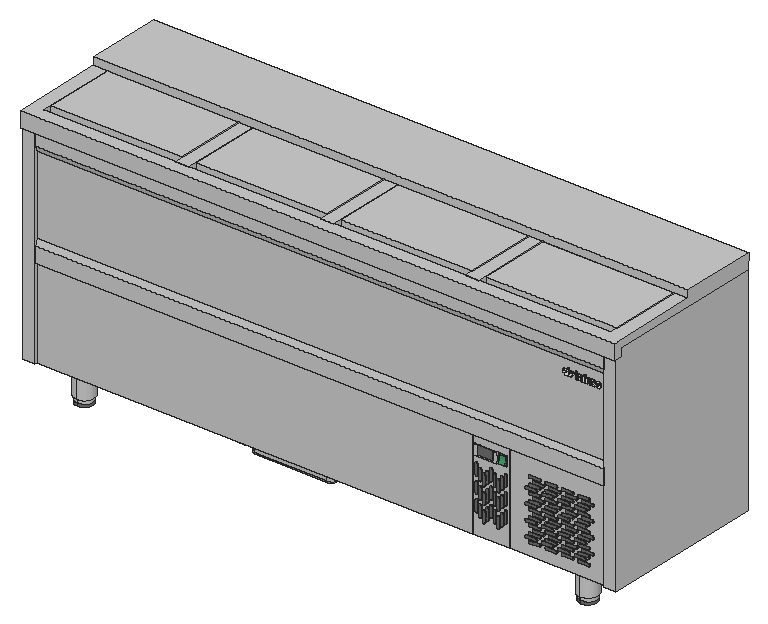
Revit family "QF_INFRICO_EB2000II_250807075353", category Specialty Equipment, Revit 2021 (continued)
Definition of nested family "QF_INFRICO_EB2000II_2920"
  Lines and regions (mm)
    symbolic lines
      curve 19: line (522, -510, 0) -> (522, -247, 0)
      curve 20: line (523, -247, 0) -> (523, -482, 0)
      curve 21: line (954, -482, 0) -> (954, -247, 0)
      curve 22: line (1477, -482, 0) -> (1908, -482, 0)
      curve 23: line (1432, -247, 0) -> (1432, -510, 0)
      curve 24: line (1476, -510, 0) -> (1476, -247, 0)
      curve 25: line (1477, -247, 0) -> (1477, -482, 0)
      curve 26: line (1908, -482, 0) -> (1908, -247, 0)
  Dimensions and locks
    plane 1 "Back" to plane 5 "Front" = 550 mm  (x2)
    plane 3 "Left" to plane 4 "Right" = 1954 mm
    plane 6 "Top" to level = 865 mm  (x2)
    plane 4 "Right" to plane 3 "Left" = 1954 mm
    aligned and locked: level to plane 2
Definition of nested family "CONN_POINT_DRAIN_2D___Generic_Annotation"
  Parameters (values of type "CONN_POINT_DRAIN_2D___Generic_Annotation")
    Onboard connection annotation symbol visibility [instance] = yes
  Reference planes
    plane 1: y = 0
    plane 2: x = 0
  Lines and regions (mm)
    detail lines, visible <- "Onboard connection annotation symbol visibility"
      curve 1: circle (0, 0, 0) r 0.5 normal (0, 0, 1)
      curve 2: line (-1, 0, 0) -> (1, 0, 0)
      curve 3: line (0, 1, 0) -> (0, -1, 0)
      curve 4: line (1.776, 1, 0) -> (1.25, 1, 0)
      curve 5: line (1.25, 1, 0) -> (1.25, -1, 0)
      curve 6: line (1.25, -1, 0) -> (1.776, -1, 0)
      curve 7: arc (2.206, -0.862, 0) -> (2.459, -0.589, 0) -> (2.583, -0.238, 0) r 0.918
      curve 8: arc (2.583, 0.238, 0) -> (2.459, 0.589, 0) -> (2.206, 0.862, 0) r 0.918
      curve 9: arc (2.583, -0.238, 0) -> (2.599, 0, 0) -> (2.583, 0.238, 0) r 1.77
      curve 10: arc (2.206, 0.862, 0) -> (2.002, 0.965, 0) -> (1.776, 1, 0) r 0.741
      curve 11: arc (1.776, -1, 0) -> (2.002, -0.965, 0) -> (2.206, -0.862, 0) r 0.741
Definition of nested family "CONN_POINT_ELE_2D___Generic_Annotation"
  Parameters (values of type "CONN_POINT_ELE_2D___Generic_Annotation")
    Onboard connection annotation symbol visibility [instance] = yes
  Reference planes
    plane 1: y = 0
    plane 2: x = 0
  Lines and regions (mm)
    detail lines, visible <- "Onboard connection annotation symbol visibility"
      curve 1: circle (0, 0, 0) r 0.5 normal (0, 0, 1)
      curve 2: line (-1, 0, 0) -> (1, 0, 0)
      curve 3: line (0, 1, 0) -> (0, -1, 0)
      curve 4: line (2.5, 1, 0) -> (1.25, 1, 0)
      curve 5: line (1.25, 1, 0) -> (1.25, -1, 0)
      curve 6: line (1.25, -1, 0) -> (2.5, -1, 0)
      curve 7: line (1.25, 0, 0) -> (2, 0, 0)
